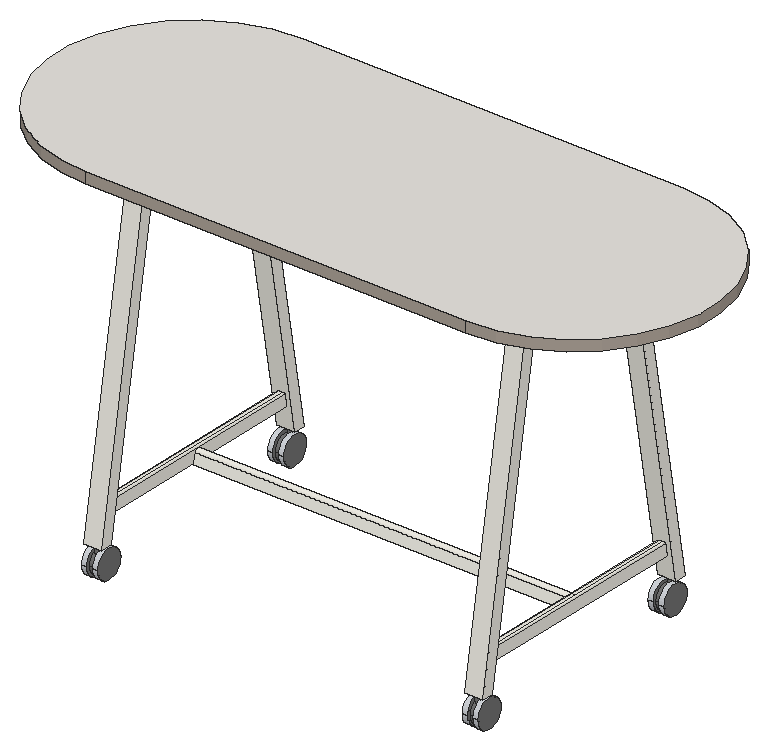
Revit family "Haworth_PopUp_Racetrack_BUILD", category Furniture, Revit 2015
Parameters (values of type "41h 30d 72w")
  Warranty = "http://www.haworth.com/resources/product-info/warranties"
  URL - Product = "https://www.haworth.com/products/tables/collaborative/popup"
  Type Comments = ""
  Table Radius = Actual Depth / 2  # 15"
  Table Finish [instance] = Haworth _ Laminate _ Linen H-WL
  Table Edge Finish [instance] = Haworth _ Laminate _ Maple H-AE
  Sustainability Info = "https://media.haworth.com/asset/112938/PopUp%20Table.pdf"
  Support F/B Offset = if(Actual Depth < 19", 8 15/32", if(Actual Depth < 25", 11 15/32", 14 15/32"))  # 14 15/32"
  Small Plate Control = not(Large Plate Front)  # yes
  Model = "TPRT"  # constant formula
  Leg Finish [instance] = Haworth _ Paint _ Metallic White
  Min/Max Height = "36, 41in."  # constant formula
  Large Plate Front = Actual Depth = 18"  # no
  Large Plate Back = not(or(Large Plate Front, Small Plate Control))  # no
  Glides = not(Casters)  # no
  Foot Rail Finish [instance] = Haworth _ Paint _ Metallic White
  Description = "Haworth PopUp - Racetrack Table - 41h 30d 72w - Casters"
  Width = 72"
  URL = "www.haworth.com"
  Table Thickness = 1 3/16"  # constant formula
  Support L/R Offset = if(Actual Depth < 19", 9", if(Actual Depth < 25", 12", 15"))  # 15"
  Size = "Verify Final Dim. w/ Haworth"  # constant formula
  Revision Number = "1"  # constant formula
  Min/Max Width = "48, 54, 60, 66, 72 in."  # constant formula
  Min/Max Depth = "18, 24, 30in."  # constant formula
  Min. Width = if(Actual Depth = 30", 72", if(Actual Depth = 24", 60", 48"))  # 72"
  Max. Width = 72"  # constant formula
  Min. Depth = 18"  # constant formula
  Max. Depth = 30"  # constant formula
  Manufacturer = "Haworth"  # constant formula
  Leg Height = Actual Height - Table Thickness  # 39 13/16"
  Depth = 30"
  Custom Size = not(or(and(Depth = 18", or(Width = 48", Width = 54", Width = 60", Width = 66", Width = 72")), and(Depth = 24", or(Width = 60", Width = 66", Width = 72")), and(Depth = 30", Width = 72")))  # no
  Corner Radius = 6"  # constant formula
  Casters = yes
  Caster Finish [instance] = Haworth _ Paint _ Metallic Gunmetal
  Author = "Haworth (Alias)"  # constant formula
  Assembly Code = "E2020200"
  Actual Width = if(Width < Min. Width, Min. Width, if(Width > Max. Width, Max. Width, Width))  # 72"
  Actual Height = if(Table 36h, 36", 41")  # 41"
  Actual Depth = if(Depth > Max. Depth, Max. Depth, if(Depth < Min. Depth, Min. Depth, Depth))  # 30"
  Table 41h = not(Table 36h)  # yes
  Table 36h = no
Reference planes (in)
  plane 1 "Center F/B": y = 3
  plane 2: z = 0
  plane 3 "Center L/R": x = -12
  plane 4 "Table Left": x = -48
  plane 5 "Table Right": x = 24
  plane 6 "Table Leg Left": x = -33
  plane 7 "Table Leg Right": x = 9
  plane 8 "Top": z = 41
  plane 9 "Table Thick": z = 39.8125
  plane 10 "Bottom Stand 3": z = 5.9375
  plane 11 "Top Stand 3": z = 7.4375
  plane 12 "Back": y = 18
  plane 13 "Front": y = -12
  plane 14 "Leg Front": y = -11.46875
  plane 15 "Leg Back": y = 17.46875
  plane 16: y = -9.8125
  plane 17: y = 15.8125
  plane 18 "Left Radius": x = -33
  plane 19 "Right Radius": x = 9
Forms (in)
  Extrusion 1, solid, material "Haworth _ Laminate _ Linen H-WL" <- "Table Finish"
    sketch origin (0, 0, 41) x (-1, 0, 0) y (0, -1, 0)
      loop
        arc (33, -18) -> (48, -3) -> (33, 12) r 15
        line (33, 12) -> (-9, 12)
        arc (-9, 12) -> (-24, -3) -> (-9, -18) r 15
        line (-9, -18) -> (33, -18)
    from 0 to -1.1875
  Sweep 2, solid, material "Haworth _ Paint _ Metallic White" <- "Foot Rail Finish"
    path origin (0, 0, 5.9375) x (-1, 0, 0) y (0, -1, 0)
      loop
        line (33, -3) -> (-9, -3)
    profile origin (-12, 3, 5.9375) x (0, 1, 0) y (0, 0, 1)
      loop
        line (-0.675, 0) -> (0.675, 0) -> (0.38391, 1.08636)
        arc (0.38391, 1.08636) -> (0, 1.38095) -> (-0.38391, 1.08636) r 0.39745
        line (-0.38391, 1.08636) -> (-0.675, 0)
  Sweep 3, solid, material "Haworth _ Paint _ Metallic White" <- "Leg Finish"
    path origin (0, 0, 5.9375) x (-1, 0, 0) y (0, -1, 0)
      loop
        line (33, -15.8125) -> (33, 9.8125)
    profile origin (-33, 3, 5.9375) x (1, 0, 0) y (0, 0, 1)
      loop
        line (-0.37124, 0) -> (0.37876, 0) -> (0.37876, 1.29733)
        arc (0.37876, 1.29733) -> (0.31935, 1.44075) -> (0.17592, 1.50016) r 0.20284
        line (0.17592, 1.50016) -> (-0.1692, 1.50016)
        arc (-0.1692, 1.50016) -> (-0.31207, 1.44099) -> (-0.37124, 1.29812) r 0.20204
        line (-0.37124, 1.29812) -> (-0.37124, 0)
  Sweep 4, solid, material "Haworth _ Paint _ Metallic White" <- "Leg Finish"
    path origin (-24, 0, 5.9375) x (1, 0, 0) y (0, -1, 0)
      loop
        line (33, -15.8125) -> (33, 9.8125)
    profile origin (9, 3, 5.9375) x (1, 0, 0) y (0, 0, 1)
      loop
        line (0.37124, 0) -> (0.37124, 1.29812)
        arc (0.37124, 1.29812) -> (0.31207, 1.44099) -> (0.1692, 1.50016) r 0.20204
        line (0.1692, 1.50016) -> (-0.17592, 1.50016)
        arc (-0.17592, 1.50016) -> (-0.31935, 1.44075) -> (-0.37876, 1.29733) r 0.20284
        line (-0.37876, 1.29733) -> (-0.37876, 0) -> (0.37124, 0)
Lines and regions (in)
  Masking region 1
    outline origin (0, 0, 41) x (-1, 0, 0) y (0, -1, 0)
      loop
        arc (33, -18) -> (48, -3) -> (33, 12) r 15
        line (33, 12) -> (-9, 12)
        arc (-9, 12) -> (-24, -3) -> (-9, -18) r 15
        line (-9, -18) -> (33, -18)
Dimensions and locks (in)
  "Support L/R Offset": plane 4 "Table Left" to plane 6 "Table Leg Left"
  "Support L/R Offset": plane 7 "Table Leg Right" to plane 5 "Table Right"
  "Actual Width": plane 4 "Table Left" to plane 5 "Table Right"
  equal spacing: plane 4 "Table Left", plane 3 "Center L/R", plane 5 "Table Right"
  "Actual Height": plane 8 "Top" to level
  "Table Thickness": plane 8 "Top" to plane 9 "Table Thick"
  equal spacing: plane 13 "Front", plane 1 "Center F/B", plane 12 "Back"
  "Actual Depth": plane 13 "Front" to plane 12 "Back"
  "Support F/B Offset": plane 14 "Leg Front" to plane 1 "Center F/B"
  "Support F/B Offset": plane 1 "Center F/B" to plane 15 "Leg Back"
  locked: plane 16 to plane 14 "Leg Front" at 1.65625
  locked: plane 17 to plane 15 "Leg Back" at 1.65625
  "Table Radius": plane 4 "Table Left" to plane 18 "Left Radius"
  "Table Radius": plane 19 "Right Radius" to plane 5 "Table Right"
  "Table Radius": radius of Extrusion 1 sketch curve  (x2)
  "Table Radius": radius of Masking region 1 sketch curve  (x2)
  aligned and locked: plane 9 "Table Thick" to Extrusion 1
  aligned and locked: plane 8 "Top" to Extrusion 1
  aligned and locked: Extrusion 1 sketch curve to plane 12 "Back"
  aligned and locked: Extrusion 1 sketch curve to plane 13 "Front"
  aligned and locked: Masking region 1 sketch curve to plane 12 "Back"
  aligned and locked: Masking region 1 sketch curve to plane 13 "Front"
  aligned and locked: plane 2 to nested 1
  aligned and locked: plane 2 to nested 2
  aligned and locked: nested 3 to plane 2
  aligned and locked: nested 4 to plane 2
  aligned and locked: nested 2 to plane 14 "Leg Front"
  aligned and locked: plane 15 "Leg Back" to nested 4
  aligned and locked: nested 1 to plane 14 "Leg Front"
  aligned and locked: plane 15 "Leg Back" to nested 3
  aligned and locked: plane 7 "Table Leg Right" to nested 1
  aligned and locked: nested 3 to plane 7 "Table Leg Right"
  aligned and locked: nested 4 to plane 6 "Table Leg Left"
  aligned and locked: plane 6 "Table Leg Left" to nested 2
  aligned and locked: plane 7 "Table Leg Right" to Sweep 2 sketch curve
  aligned and locked: plane 1 "Center F/B" to Sweep 2 sketch curve
  aligned and locked: plane 6 "Table Leg Left" to Sweep 2 sketch curve
  aligned and locked: Sweep 3 sketch curve to plane 6 "Table Leg Left"
  aligned and locked: Sweep 3 sketch curve to plane 17
  aligned and locked: plane 16 to Sweep 3 sketch curve
  aligned and locked: Sweep 4 sketch curve to plane 7 "Table Leg Right"
  aligned and locked: plane 17 to Sweep 4 sketch curve
  aligned and locked: Sweep 4 sketch curve to plane 16
  aligned and locked: plane 18 "Left Radius" to Extrusion 1 sketch curve
  aligned and locked: plane 19 "Right Radius" to Extrusion 1 sketch curve
  aligned and locked: plane 18 "Left Radius" to Masking region 1 sketch curve
  aligned and locked: plane 19 "Right Radius" to Masking region 1 sketch curve
Automatic sketch dimensions
  Sweep 2 sketch curve to plane 10 "Bottom Stand 3" = 0"
  Sweep 2 sketch curve to profile plane = 0"
  profile plane to Sweep 2 sketch curve = 0.38391"
  profile plane to Sweep 2 sketch curve = 0.675"
  Sweep 2 sketch curve to profile plane = 0.38391"
  Sweep 2 sketch curve to profile plane = 0.675"
  plane 10 "Bottom Stand 3" to Sweep 2 sketch curve = 0.98349"
  Sweep 2 sketch curve to Sweep 2 sketch curve = 0.10287"
  Sweep 3 sketch curve to plane 10 "Bottom Stand 3" = 0"
  profile plane to Sweep 3 sketch curve = 0.37124"
  profile plane to Sweep 3 sketch curve = 0.1692"
  Sweep 3 sketch curve to profile plane = 0.17592"
  Sweep 3 sketch curve to profile plane = 0.37876"
  Sweep 3 sketch curve to Sweep 3 sketch curve = 1.29733"
  Sweep 4 sketch curve to plane 10 "Bottom Stand 3" = 0"
  profile plane to Sweep 4 sketch curve = 0.37876"
  profile plane to Sweep 4 sketch curve = 0.17592"
  Sweep 4 sketch curve to profile plane = 0.1692"
  Sweep 4 sketch curve to profile plane = 0.37124"
  Sweep 4 sketch curve to Sweep 4 sketch curve = 1.29733"
Nested families (in)
  nested 1: "Haworth_PopUp-Leg_Part NEW" at (9, -2.96875, 0), Small Plate Control <- "Small Plate Control", Large Plate Control <- "Large Plate Front", type "Leg"
    with Small Plate Control yes, Large Plate Control no, Table 41h yes, Table 36h no, Leg Height 39 13/16", Depth 8 7/64"
  nested 2: "Haworth_PopUp-Leg_Part NEW" at (-33, -2.96875, 0), Small Plate Control <- "Small Plate Control", Large Plate Control <- "Large Plate Front", type "Leg"
    with Small Plate Control yes, Large Plate Control no, Table 41h yes, Table 36h no, Leg Height 39 13/16", Depth 8 7/64"
  nested 3: "Haworth_PopUp-Leg_Part NEW" at (9, 8.96875, 0), Small Plate Control <- "Small Plate Control", Large Plate Control <- "Large Plate Back", type "Leg"
    with Small Plate Control yes, Large Plate Control no, Table 41h yes, Table 36h no, Leg Height 39 13/16", Depth 8 7/64"
  nested 4: "Haworth_PopUp-Leg_Part NEW" at (-33, 8.96875, 0), Small Plate Control <- "Small Plate Control", Large Plate Control <- "Large Plate Back", type "Leg"
    with Small Plate Control yes, Large Plate Control no, Table 41h yes, Table 36h no, Leg Height 39 13/16", Depth 8 7/64"
Definition of nested family "Haworth_PopUp-Leg_Part NEW"
  Parameters (values of type "Leg")
    Warranty = "http://www.haworth.com/resources/product-info/warranties"
    URL - Product = "https://www.haworth.com/products/tables/collaborative/popup"
    URL = "www.haworth.com"
    Table 41h = no
    Table 36h = yes
    Support Thickness = 5/16"  # constant formula
    Small Plate Control [instance] = yes
    Revision = "1"  # constant formula
    Model = "Haworth PopUp"  # constant formula
    Manufacturer = "Haworth"  # constant formula
    Leg Height = if(Table 41h, 39 13/16", 34 13/16")  # 34 13/16"
    Leg Finish = none
    Large Plate Control [instance] = yes
    Glides = no
    Description = "Haworth - PopUp Table - Leg_Part"  # constant formula
    Depth = if(Table 41h, 8 7/64", 7 15/64")  # 7 15/64"
    Casters = yes
    Caster Finish = none
    Bottom Leg = if(Casters, 3 7/16", 1")  # 3 7/16"
    Author = "Haworth (Alias)"  # constant formula
    Assembly Code = ""
  Reference planes (in)
    plane 1 "Back": y = -1.26563
    plane 2: z = 0
    plane 3 "Center (Left/Right)": x = 0
    plane 4 "Top of Leg": z = 34.8125
    plane 5 "Right": x = 1
    plane 6 "Left": x = -1
    plane 7 "Front": y = -8.5
    plane 8 "Front Stand 1": through (0, -8.03063, 3) normal (0, -0.9848, 0.1736)
    plane 9 "Back Stand 1": through (0, -6.86117, 2.79379) normal (0, -0.9848, 0.1736)
    plane 10 "Top of Stand": z = 34.5
    plane 11 "Back Support": y = 1.31548
    plane 12 "Right Support": x = 1.24699
    plane 13 "Front Support": y = -2.68452
    plane 14 "Left Support": x = -3.75301
    plane 15 "Caster Height": z = 3.4375
    plane 16 "Front Casters": y = -7.34142
    plane 17: y = -7.84923
    plane 18: y = 3.98926
    plane 19: x = 2.75
    plane 20: x = -2.7751
    plane 21: y = -4.01074
  Forms (in)
    Extrusion 1, solid, material <- "Leg Finish"
      sketch origin (-1, 0, 0) x (0, -1, 0) y (0, 0, 1)
        loop
          line (7.95348, 3.4375) -> (2.47633, 34.5) -> (1.27051, 34.5) -> (6.74767, 3.4375) -> (7.95348, 3.4375)
      from -2 to 0
    Extrusion 2, solid, material <- "Leg Finish", visible <- "Small Plate Control"
      sketch origin (0, 0, 34.5) x (0, -1, 0) y (1, 0, 0)
        loop
          arc (-1.31548, -3.50301) -> (-1.24226, -3.67979) -> (-1.06548, -3.75301) r 0.25
          line (-1.06548, -3.75301) -> (2.43452, -3.75301)
          arc (2.43452, -3.75301) -> (2.61129, -3.67979) -> (2.68452, -3.50301) r 0.25
          line (2.68452, -3.50301) -> (2.68452, 0.99699)
          arc (2.68452, 0.99699) -> (2.61129, 1.17376) -> (2.43452, 1.24699) r 0.25
          line (2.43452, 1.24699) -> (-1.06548, 1.24699)
          arc (-1.06548, 1.24699) -> (-1.24226, 1.17376) -> (-1.31548, 0.99699) r 0.25
          line (-1.31548, 0.99699) -> (-1.31548, -3.50301)
      from 0 to 0.3125
    Extrusion 3, solid, visible <- "Glides"
      sketch origin (0, 0, 34.5) x (0, -1, 0) y (1, 0, 0)
        loop
          circle (7.84923, 0) r 0.5
      from -34.5 to -31.0625
    Extrusion 4, solid, material <- "Leg Finish", visible <- "Large Plate Control"
      sketch origin (0, 0, 34.5) x (0, -1, 0) y (1, 0, 0)
        loop
          arc (-3.98926, -2.5251) -> (-3.91604, -2.70188) -> (-3.73926, -2.7751) r 0.25
          line (-3.73926, -2.7751) -> (3.76074, -2.7751)
          arc (3.76074, -2.7751) -> (3.93752, -2.70188) -> (4.01074, -2.5251) r 0.25
          line (4.01074, -2.5251) -> (4.01074, 2.5)
          arc (4.01074, 2.5) -> (3.93752, 2.67678) -> (3.76074, 2.75) r 0.25
          line (3.76074, 2.75) -> (-3.73926, 2.75)
          arc (-3.73926, 2.75) -> (-3.91604, 2.67678) -> (-3.98926, 2.5) r 0.25
          line (-3.98926, 2.5) -> (-3.98926, -2.5251)
      from 0 to 0.3125
  Lines and regions (in)
    symbolic lines, detail levels medium+fine
      curve 1: line (-1, -8.5, 34.5) -> (1, -8.5, 34.5)
      curve 2: line (1, -8.5, 34.5) -> (1, -1.26563, 34.5)
      curve 3: line (1, -1.26563, 34.5) -> (-1, -1.26563, 34.5)
      curve 4: line (-1, -1.26563, 34.5) -> (-1, -8.5, 34.5)
    symbolic lines, visible <- "Small Plate Control", detail levels medium+fine
      curve 5: line (0.99699, 1.31548, 34.5) -> (-3.50301, 1.31548, 34.5)
      curve 6: arc (-3.50301, 1.31548, 34.5) -> (-3.67979, 1.24226, 34.5) -> (-3.75301, 1.06548, 34.5) r 0.25
      curve 7: line (-3.75301, 1.06548, 34.5) -> (-3.75301, -2.43452, 34.5)
      curve 8: arc (-3.75301, -2.43452, 34.5) -> (-3.67979, -2.61129, 34.5) -> (-3.50301, -2.68452, 34.5) r 0.25
      curve 9: line (-3.50301, -2.68452, 34.5) -> (0.99699, -2.68452, 34.5)
      curve 10: arc (0.99699, -2.68452, 34.5) -> (1.17376, -2.61129, 34.5) -> (1.24699, -2.43452, 34.5) r 0.25
      curve 11: line (1.24699, -2.43452, 34.5) -> (1.24699, 1.06548, 34.5)
      curve 12: arc (1.24699, 1.06548, 34.5) -> (1.17376, 1.24226, 34.5) -> (0.99699, 1.31548, 34.5) r 0.25
    symbolic lines, visible <- "Large Plate Control", detail levels medium+fine
      curve 13: line (2.75, -3.76074, 34.5) -> (2.75, 3.73926, 34.5)
      curve 14: arc (2.75, 3.73926, 34.5) -> (2.67678, 3.91604, 34.5) -> (2.5, 3.98926, 34.5) r 0.25
      curve 15: line (2.5, 3.98926, 34.5) -> (-2.5251, 3.98926, 34.5)
      curve 16: arc (-2.5251, 3.98926, 34.5) -> (-2.70188, 3.91604, 34.5) -> (-2.7751, 3.73926, 34.5) r 0.25
      curve 17: line (-2.7751, 3.73926, 34.5) -> (-2.7751, -3.76074, 34.5)
      curve 18: arc (-2.7751, -3.76074, 34.5) -> (-2.70188, -3.93752, 34.5) -> (-2.5251, -4.01074, 34.5) r 0.25
      curve 19: line (-2.5251, -4.01074, 34.5) -> (2.5, -4.01074, 34.5)
      curve 20: arc (2.5, -4.01074, 34.5) -> (2.67678, -3.93752, 34.5) -> (2.75, -3.76074, 34.5) r 0.25
  Dimensions and locks (in)
    "Leg Height": plane 4 "Top of Leg" to level
    "Support Thickness": plane 4 "Top of Leg" to plane 10 "Top of Stand"
    "Bottom Leg": plane 15 "Caster Height" to plane 2
    "Depth": plane 7 "Front" to plane 1 "Back"
    locked: plane 13 "Front Support" to plane 1 "Back" at 1.41889
    locked: plane 1 "Back" to plane 11 "Back Support" at 2.58111
    locked: plane 1 "Back" to plane 18 at 5.25489
    locked: plane 21 to plane 1 "Back" at 2.74511
    aligned and locked: Extrusion 1 sketch curve to plane 9 "Back Stand 1"
    aligned and locked: plane 8 "Front Stand 1" to Extrusion 1 sketch curve
    aligned and locked: plane 10 "Top of Stand" to Extrusion 1 sketch curve
    aligned and locked: plane 5 "Right" to Extrusion 1
    aligned and locked: plane 6 "Left" to Extrusion 1
    aligned and locked: Extrusion 2 to plane 10 "Top of Stand"
    aligned and locked: plane 4 "Top of Leg" to Extrusion 2
    aligned and locked: Extrusion 2 sketch curve to plane 12 "Right Support"
    aligned and locked: Extrusion 2 sketch curve to plane 13 "Front Support"
    aligned and locked: Extrusion 2 sketch curve to plane 14 "Left Support"
    aligned and locked: Extrusion 2 sketch curve to plane 11 "Back Support"
    aligned and locked: Extrusion 1 sketch curve to plane 15 "Caster Height"
    aligned and locked: plane 3 "Center (Left/Right)" to Extrusion 3 sketch curve
    aligned and locked: Extrusion 3 to level
    aligned and locked: plane 15 "Caster Height" to Extrusion 3
    aligned and locked: nested 1 to plane 16 "Front Casters"
    aligned and locked: nested 1 to plane 3 "Center (Left/Right)"
    aligned and locked: plane 17 to Extrusion 3 sketch curve
    aligned and locked: plane 7 "Front" to curve 1
    aligned and locked: plane 5 "Right" to curve 2
    aligned and locked: plane 6 "Left" to curve 4
    aligned and locked: Extrusion 4 sketch curve to plane 19
    aligned and locked: Extrusion 4 sketch curve to plane 18
    aligned and locked: plane 20 to Extrusion 4 sketch curve
    aligned and locked: Extrusion 4 sketch curve to plane 21
    aligned and locked: Extrusion 4 to plane 10 "Top of Stand"
    aligned and locked: plane 4 "Top of Leg" to Extrusion 4
    aligned and locked: curve 7 to Extrusion 2
    aligned and locked: curve 8 to Extrusion 2
    aligned and locked: curve 10 to Extrusion 2
    aligned and locked: curve 12 to Extrusion 2
    aligned and locked: curve 13 to Extrusion 4
    aligned and locked: curve 15 to Extrusion 4
    aligned and locked: curve 17 to Extrusion 4
    aligned and locked: curve 19 to Extrusion 4
  Automatic sketch dimensions
    Extrusion 2 sketch curve to plane 11 "Back Support" = 1/4"  (x2)
    Extrusion 2 sketch curve to plane 13 "Front Support" = 1/4"  (x2)
    plane 1 "Back" to curve 3 = 0"
    Extrusion 4 sketch curve to Extrusion 4 sketch curve = 1/4"  (x2)
    Extrusion 4 sketch curve to plane 18 = 1/4"
    Extrusion 4 sketch curve to plane 21 = 1/4"
    curve 5 to curve 6 = 1/4"
    curve 15 to curve 16 = 1/4"
    curve 13 to plane 18 = 1/4"
    curve 18 to curve 18 = 1/4"
    curve 20 to curve 20 = 1/4"
    radius of Extrusion 3 sketch curve = 1/2"
  Nested families (in)
    nested 1: "Haworth_3in Caster_Part" at (0, -7.34142, 0) x (-1, 0, 0) z (0, 0, 1), visible <- "Casters", type "Haworth_3in Caster_Part"
  Definition of nested family "Haworth_3in Caster_Part"
    Parameters (values of type "Haworth_3in Caster_Part")
      Caster Finish = none
      Cart Leg Finish = none
      Assembly Code = ""
    Reference planes (in)
      plane 1 "Center (Front/Back)": y = 0
      plane 2: z = 0
      plane 3 "Center (Left/Right)": x = 0
    Forms (in)
      Extrusion 1, solid
        sketch origin (0, 0, -0.02118) x (0, 1, 0) y (0, 0, 1)
          loop
            circle (-0.48695, 1.58368) r 1.5625
        from 0.875 to 0.3125
      Extrusion 2, solid
        sketch origin (0, 0, -0.02118) x (0, 1, 0) y (0, 0, 1)
          loop
            circle (-0.48695, 1.58368) r 1.5625
        from -0.875 to -0.3125
      Extrusion 3, solid, material <- "Cart Leg Finish"
        sketch origin (0, 0, 0) x (0, 1, 0) y (0, 0, 1)
          loop
            circle (-0.48695, 1.5625) r 1.3125
        from -0.3125 to 0.3125
      Extrusion 4, solid, material <- "Cart Leg Finish"
        sketch origin (0, 0, 0) x (1, 0, 0) y (0, 1, 0)
          loop
            circle (0, 0) r 0.25
        from 2.4375 to 3.4375
    Cuts and joins
      joined: Extrusion 3, Extrusion 4
    Dimensions and locks (in)
      plane 3 "Center (Left/Right)" to Extrusion 2 = 5/16"
      Extrusion 1 to plane 3 "Center (Left/Right)" = 7/8"
